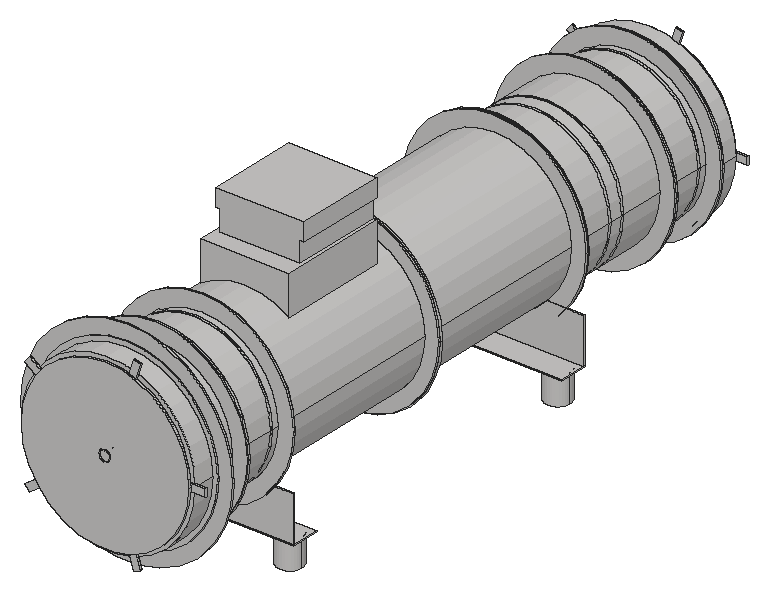
Revit family "HARMANN - MAXEE_HT - poziomy", category Mechanical Equipment, host Face, Revit 2022 (continued)
Definition of nested family "HARMANN - Akcesoria - RVK H F4"
  Forms (mm)
    Sweep 2, solid, detail levels medium+fine
      path origin (0, 0, 0) x (1, 0, 0) y (0, 1, 0)
        loop
          line (0, 421) -> (0, 418)
      profile origin (0, 419.5, 0) x (1, 0, 0) y (0, 0, 1)
        loop
          circle (0, 0) r 500
        loop
          circle (0, 0) r 450
    Sweep 3, solid, detail levels medium+fine
      path origin (0, 0, 0) x (1, 0, 0) y (0, 1, 0)
        loop
          line (0, 3) -> (0, 0)
      profile origin (0, 1.5, 0) x (1, 0, 0) y (0, 0, 1)
        loop
          circle (0, 0) r 500
        loop
          circle (0, 0) r 450
    Sweep 4, solid, detail levels coarse
      path origin (0, 0, 0) x (1, 0, 0) y (0, 1, 0)
        loop
          line (0, 421) -> (0, 0)
      profile origin (0, 210.5, 0) x (1, 0, 0) y (0, 0, 1)
        loop
          circle (0, 0) r 500
    Sweep 5, solid, detail levels medium+fine
      path origin (0, 0, 0) x (1, 0, 0) y (0, 1, 0)
        loop
          line (0, 102) -> (0, 98)
      profile origin (0, 100, 0) x (1, 0, 0) y (0, 0, 1)
        loop
          circle (0, 0) r 452
        loop
          circle (0, 0) r 450
    Sweep 6, solid, detail levels medium+fine
      path origin (0, 0, 0) x (1, 0, 0) y (0, 1, 0)
        loop
          line (0, 323) -> (0, 319)
      profile origin (0, 321, 0) x (1, 0, 0) y (0, 0, 1)
        loop
          circle (0, 0) r 452
        loop
          circle (0, 0) r 450
    Sweep 7, solid, detail levels medium+fine
      path origin (0, 0, 0) x (1, 0, 0) y (0, 1, 0)
        loop
          line (0, 16) -> (0, 13)
      profile origin (0, 14.5, 0) x (1, 0, 0) y (0, 0, 1)
        loop
          circle (0, 0) r 450
  Dimensions and locks
    equal spacing: plane 5, plane 3 "Center (Left/Right)", plane 4
    "A": plane 5 to plane 4
    equal spacing: plane 6, level, plane 7
    "A": plane 6 to plane 7
    locked: plane 1 "Center (Front/Back)" to plane 9 "Center L/S" at 3
    locked: plane 10 to plane 8 at 3
    locked: plane 11 to plane 8 at 100
    "E": plane 1 "Center (Front/Back)" to plane 8
    locked: plane 1 "Center (Front/Back)" to plane 12 at 100
    equal spacing: Sweep 5 sketch curve, plane 12, Sweep 5 sketch curve
    Sweep 5 sketch curve to Sweep 5 sketch curve = 4.00 mm
    locked: Sweep 6 sketch curve to Sweep 6 sketch curve at 4
    equal spacing: Sweep 6 sketch curve, plane 11, Sweep 6 sketch curve
    locked: plane 13 "Center L/T" to plane 14 "Center L/U" at 3
    locked: plane 9 "Center L/S" to plane 13 "Center L/T" at 10
    "B": diameter of Sweep 1 sketch curve
    "B": diameter of Sweep 2 sketch curve
    "A2": diameter of Sweep 2 sketch curve
    "B": diameter of Sweep 3 sketch curve
    "A2": diameter of Sweep 3 sketch curve
    "A2": diameter of Sweep 4 sketch curve
    "D": diameter of Sweep 1 sketch curve
    "D": diameter of Sweep 5 sketch curve
    "B": diameter of Sweep 5 sketch curve
    "D": diameter of Sweep 6 sketch curve
    "B": diameter of Sweep 6 sketch curve
    "B": diameter of Sweep 7 sketch curve
    aligned and locked: level to plane 2
    aligned and locked: Sweep 1 sketch curve to plane 3 "Center (Left/Right)"
    aligned and locked: plane 10 to Sweep 1 sketch curve
    aligned and locked: plane 9 "Center L/S" to Sweep 1 sketch curve
    aligned and locked: Sweep 2 sketch curve to plane 3 "Center (Left/Right)"
    aligned and locked: plane 8 to Sweep 2 sketch curve
    aligned and locked: plane 10 to Sweep 2 sketch curve
    aligned and locked: plane 1 "Center (Front/Back)" to Sweep 3 sketch curve
    aligned and locked: plane 9 "Center L/S" to Sweep 3 sketch curve
    aligned and locked: plane 8 to Sweep 4 sketch curve
    aligned and locked: plane 1 "Center (Front/Back)" to Sweep 4 sketch curve
    aligned and locked: plane 14 "Center L/U" to Sweep 7 sketch curve
    aligned and locked: plane 13 "Center L/T" to Sweep 7 sketch curve
  Automatic sketch dimensions
    Sweep 3 sketch curve to plane 3 "Center (Left/Right)" = 0.00 mm
    Sweep 4 sketch curve to plane 3 "Center (Left/Right)" = 0.00 mm
    Sweep 5 sketch curve to plane 3 "Center (Left/Right)" = 0.00 mm
    Sweep 6 sketch curve to plane 3 "Center (Left/Right)" = 0.00 mm
    Sweep 7 sketch curve to plane 3 "Center (Left/Right)" = 0.00 mm
    Sweep 1 sketch curve to Sweep 1 sketch curve = 0.00 mm  (x2)
    Sweep 1 sketch curve to level = 0.00 mm
    profile plane to Sweep 1 sketch curve = 0.00 mm
    Sweep 2 sketch curve to Sweep 2 sketch curve = 0.00 mm  (x2)
    Sweep 2 sketch curve to level = 0.00 mm
    profile plane to Sweep 2 sketch curve = 0.00 mm
    Sweep 3 sketch curve to Sweep 3 sketch curve = 0.00 mm  (x2)
    Sweep 3 sketch curve to level = 0.00 mm
    profile plane to Sweep 3 sketch curve = 0.00 mm
    Sweep 4 sketch curve to level = 0.00 mm
    profile plane to Sweep 4 sketch curve = 0.00 mm
    Sweep 5 sketch curve to Sweep 5 sketch curve = 0.00 mm  (x2)
    Sweep 5 sketch curve to level = 0.00 mm
    profile plane to Sweep 5 sketch curve = 0.00 mm
    Sweep 6 sketch curve to Sweep 6 sketch curve = 0.00 mm  (x2)
    Sweep 6 sketch curve to level = 0.00 mm
    profile plane to Sweep 6 sketch curve = 0.00 mm
    Sweep 7 sketch curve to level = 0.00 mm
    profile plane to Sweep 7 sketch curve = 0.00 mm
Definition of nested family "HARMANN - Akcesoria - SGE"
  Parameters (values of type "SGE 1000")
    Średnica wewnętrzna = 40.00 mm
    Numer artykułu = size_lookup(Lookup Table Name, "Numer artykułu", "n/a", N1)  # "15951800"
    N1 = 11 mm
    Model = size_lookup(Lookup Table Name, "Model", "n/a", N1)  # "SGE 1000"
    Manufacturer = "Harmann Polska Sp. z o.o."  # constant formula
    Lookup Table Name = "SGE"
    C = size_lookup(Lookup Table Name, "C", 1.00 mm, N1)  # 15.00 mm
    Description = "Klapa zwrotna"  # constant formula
    Default Elevation = 0.00 mm
    B2 = B - 4.00 mm  # 981.00 mm
    B = size_lookup(Lookup Table Name, "B", 1.00 mm, N1)  # 985.00 mm
    A2 = A + 16.00 mm  # 1086.00 mm
    A = size_lookup(Lookup Table Name, "A", 1.00 mm, N1)  # 1070.00 mm
  Types (14, lengths in mm): name | Numer artykułu | N1 | Model | C | B2 | B | A2 | A
    SGE 315 | "15405800" | 1 | "SGE 315" | 8.00 | 307.00 | 311.00 | 371.00 | 355.00
    SGE 355 | "15406200" | 2 | "SGE 355" | 8.00 | 351.00 | 355.00 | 411.00 | 395.00
    SGE 400 | "15407400" | 3 | "SGE 400" | 8.00 | 395.00 | 399.00 | 466.00 | 450.00
    SGE 450 | "15407500" | 4 | "SGE 450" | 8.00 | 461.00 | 465.00 | 516.00 | 500.00
    SGE 500 | "15407600" | 5 | "SGE 500" | 12.00 | 505.00 | 509.00 | 576.00 | 560.00
    SGE 560 | "15407700" | 6 | "SGE 560" | 12.00 | 571.00 | 575.00 | 636.00 | 620.00
    SGE 630 | "15407900" | 7 | "SGE 630" | 12.00 | 637.00 | 641.00 | 706.00 | 690.00
    SGE 710 | "15408300" | 8 | "SGE 710" | 16.00 | 703.00 | 707.00 | 786.00 | 770.00
    SGE 800 | "15951600" | 9 | "SGE 800" | 12.00 | 781.00 | 785.00 | 876.00 | 860.00
    SGE 900 | "15951700" | 10 | "SGE 900" | 15.00 | 881.00 | 885.00 | 986.00 | 970.00
    SGE 1000 | "15951800" | 11 | "SGE 1000" | 15.00 | 981.00 | 985.00 | 1086.00 | 1070.00
    SGE 1120 | "15951900" | 12 | "SGE 1120" | 15.00 | 1101.00 | 1105.00 | 1206.00 | 1190.00
    SGE 1250 | "15952000" | 13 | "SGE 1250" | 15.00 | 1231.00 | 1235.00 | 1336.00 | 1320.00
    SGE 1400 | "16041800" | 14 | "SGE 1400" | 15.00 | 1381.00 | 1385.00 | 1486.00 | 1470.00
  Reference planes
    plane 1 "Center (Front/Back)": y = 0
    plane 2: z = 0
    plane 3 "Center (Left/Right)": x = 0
    plane 4 "Center L/S": y = 15
    plane 5 "Center L/T": y = 7.5
  Forms (mm)
    Sweep 1, solid, detail levels medium+fine
      path origin (0, 0, 0) x (1, 0, 0) y (0, 1, 0)
        loop
          line (0, 0) -> (0, 7.5)
      profile origin (0, 3.75, 0) x (-1, 0, 0) y (0, 0, 1)
        loop
          line (19.472, 4.567) -> (443.807, 312.865)
          arc (443.807, 312.865) -> (439.296, 319.167) -> (434.696, 325.405) r 543
          line (434.696, 325.405) -> (10.361, 17.107)
          arc (10.361, 17.107) -> (16.18, 11.756) -> (19.472, 4.567) r 20
        loop
          arc (-160.408, 518.766) -> (-167.796, 516.424) -> (-175.15, 513.976) r 543
          line (-175.15, 513.976) -> (-13.068, 15.14)
          arc (-13.068, 15.14) -> (-6.18, 19.021) -> (1.673, 19.93) r 20
          line (1.673, 19.93) -> (-160.408, 518.766)
        loop
          arc (-542.945, 7.75) -> (-543, 0) -> (-542.945, -7.75) r 543
          line (-542.945, -7.75) -> (-18.437, -7.75)
          arc (-18.437, -7.75) -> (-20, 0) -> (-18.437, 7.75) r 20
          line (-18.437, 7.75) -> (-542.945, 7.75)
        loop
          arc (-175.15, -513.976) -> (-167.796, -516.424) -> (-160.408, -518.766) r 543
          line (-160.408, -518.766) -> (1.673, -19.93)
          arc (1.673, -19.93) -> (-6.18, -19.021) -> (-13.068, -15.14) r 20
          line (-13.068, -15.14) -> (-175.15, -513.976)
        loop
          arc (434.696, -325.405) -> (439.296, -319.167) -> (443.807, -312.865) r 543
          line (443.807, -312.865) -> (19.472, -4.567)
          arc (19.472, -4.567) -> (16.18, -11.756) -> (10.361, -17.107) r 20
          line (10.361, -17.107) -> (434.696, -325.405)
    Sweep 2, solid, detail levels medium+fine
      path origin (0, 0, 0) x (1, 0, 0) y (0, 1, 0)
        loop
          line (0, 15) -> (0, 7.5)
      profile origin (0, 11.25, 0) x (1, 0, 0) y (0, 0, 1)
        loop
          circle (0, 0) r 12.5
        loop
          circle (0, 0) r 490.5
        loop
          circle (0, 0) r 9.5
    Sweep 3, solid, detail levels coarse
      path origin (0, 0, 0) x (1, 0, 0) y (0, 1, 0)
        loop
          line (0, 0) -> (0, 15)
      profile origin (0, 7.5, 0) x (-1, 0, 0) y (0, 0, 1)
        loop
          circle (0, 0) r 535
  Dimensions and locks
    "C": plane 1 "Center (Front/Back)" to plane 4 "Center L/S"
    equal spacing: plane 1 "Center (Front/Back)", plane 5 "Center L/T", plane 4 "Center L/S"
    "B2": diameter of Sweep 2 sketch curve
    "A": diameter of Sweep 3 sketch curve
    "A2": diameter of Sweep 1 sketch curve  (x5)
    "Średnica wewnętrzna": diameter of Sweep 1 sketch curve  (x5)
    locked: Sweep 1 sketch curve to Sweep 1 sketch curve (angle 72.00°)  (x9)
    aligned and locked: level to plane 2
    aligned and locked: Sweep 1 sketch curve to plane 3 "Center (Left/Right)"
    aligned and locked: plane 4 "Center L/S" to Sweep 2 sketch curve
    aligned and locked: plane 1 "Center (Front/Back)" to Sweep 1 sketch curve
    aligned and locked: plane 1 "Center (Front/Back)" to Sweep 3 sketch curve
    aligned and locked: plane 5 "Center L/T" to Sweep 1 sketch curve
    aligned and locked: plane 5 "Center L/T" to Sweep 2 sketch curve
    aligned and locked: plane 4 "Center L/S" to Sweep 3 sketch curve
  Automatic sketch dimensions
    Sweep 2 sketch curve to plane 3 "Center (Left/Right)" = 0.00 mm
    Sweep 3 sketch curve to plane 3 "Center (Left/Right)" = 0.00 mm
    Sweep 1 sketch curve to Sweep 1 sketch curve = 0.00 mm  (x90)
    Sweep 1 sketch curve to level = 0.00 mm
    Sweep 1 sketch curve to profile plane = 0.00 mm
    profile plane to Sweep 1 sketch curve = 13.068 mm  (x2)
    level to Sweep 1 sketch curve = 7.75 mm
    Sweep 1 sketch curve to level = 7.75 mm
    Sweep 1 sketch curve to Sweep 1 sketch curve = 14.741 mm  (x2)
    Sweep 1 sketch curve to Sweep 1 sketch curve = 8.688 mm  (x2)
    Sweep 1 sketch curve to level = 4.567 mm
    level to Sweep 1 sketch curve = 4.567 mm
    Sweep 2 sketch curve to Sweep 2 sketch curve = 0.00 mm  (x6)
    Sweep 2 sketch curve to level = 0.00 mm
    profile plane to Sweep 2 sketch curve = 0.00 mm
    Sweep 3 sketch curve to level = 0.00 mm
    Sweep 3 sketch curve to profile plane = 0.00 mm
    radius of Sweep 2 sketch curve = 12.50 mm
    radius of Sweep 2 sketch curve = 9.50 mm
Definition of nested family "HARMANN - Akcesoria - FSD"
  Parameters (values of type "FSD 11")
    Numer artykułu = size_lookup(Lookup Table Name, "Numer artykułu", "n/a", N1)  # "16248900"
    N1 = 6 mm
    Model = size_lookup(Lookup Table Name, "Model", "n/a", N1)  # "FSD 11"
    Manufacturer = "Harmann Polska Sp. z o.o."  # constant formula
    Lookup Table Name = "FSD"
    Description = "Stopa montażowa"  # constant formula
    Default Elevation = 0.00 mm
    B = size_lookup(Lookup Table Name, "B", 1.00 mm, N1)  # 70.00 mm
    A = size_lookup(Lookup Table Name, "A", 1.00 mm, N1)  # 94.00 mm
  Types (6, lengths in mm): name | Numer artykułu | N1 | Model | B | A
    FSD 01 | "15549800" | 1 | "FSD 01" | 52.00 | 57.00
    FSD 02 | "15549900" | 2 | "FSD 02" | 52.00 | 57.00
    FSD 03 | "15550000" | 3 | "FSD 03" | 52.00 | 57.00
    FSD 04 | "15550100" | 4 | "FSD 04" | 70.00 | 94.00
    FSD 10 | "16248400" | 5 | "FSD 10" | 70.00 | 94.00
    FSD 11 | "16248900" | 6 | "FSD 11" | 70.00 | 94.00
  Reference planes
    plane 1 "Center (Front/Back)": y = 0
    plane 2: z = 0
    plane 3 "Center (Left/Right)": x = 0
    plane 4: x = -35
    plane 5: x = 35
    plane 6: z = 94
    plane 7: y = -35
    plane 8: y = 35
  Forms (mm)
    Sweep 1, solid
      path origin (0, 0, 0) x (0, 1, 0) y (0, 0, 1)
        loop
          line (0, 94) -> (0, 0)
      profile origin (0, 0, 47) x (1, 0, 0) y (0, 1, 0)
        loop
          circle (0, 0) r 35
  Dimensions and locks
    equal spacing: plane 7, plane 1 "Center (Front/Back)", plane 8
    "B": plane 7 to plane 8
    equal spacing: plane 4, plane 3 "Center (Left/Right)", plane 5
    "B": plane 4 to plane 5
    "A": plane 6 to plane 2
    "B": diameter of Sweep 1 sketch curve
    aligned and locked: level to plane 2
    aligned and locked: plane 1 "Center (Front/Back)" to Sweep 1 sketch curve
    aligned and locked: plane 2 to Sweep 1 sketch curve
    aligned and locked: plane 6 to Sweep 1 sketch curve
  Automatic sketch dimensions
    Sweep 1 sketch curve to plane 3 "Center (Left/Right)" = 0.00 mm
    profile plane to Sweep 1 sketch curve = 0.00 mm
Definition of nested family "HARMANN - Akcesoria - FAL"
  Parameters (values of type "FAL 1250")
    R2 [instance] = 627.50 mm
    Numer artykułu = size_lookup(Lookup Table Name, "Numer artykułu", "n/a", N1)  # "15790100"
    N1 = 13 mm
    Model = size_lookup(Lookup Table Name, "Model", "n/a", N1)  # "FAL 1250"
    Manufacturer = "Harmann Polska Sp. z o.o."  # constant formula
    Lookup Table Name = "FAL"
    Description = "Stopa montażowa do wentylatorów kanałowych MAXEE."
    Default Elevation = 0.00 mm
    D = size_lookup(Lookup Table Name, "D", 1.00 mm, N1)  # 270.00 mm
    C = size_lookup(Lookup Table Name, "C", 1.00 mm, N1)  # 100.00 mm
    A = size_lookup(Lookup Table Name, "A", 1.00 mm, N1)  # 1370.00 mm
  Types (14, lengths in mm): name | R2 | Numer artykułu | N1 | Model | D | C | A
    (no name) | 500.00 | "15790100" | 13 | "FAL 1250" | 270.00 | 100.00 | 1370.00
    FAL 315 | 159.00 | "15480500" | 1 | "FAL 315" | 98.00 | 60.00 | 380.00
    FAL 355 | 220.989 | "15480600" | 2 | "FAL 355" | 99.00 | 60.00 | 420.00
    FAL 400 | 220.989 | "15480700" | 3 | "FAL 400" | 99.00 | 60.00 | 480.00
    FAL 450 | 220.989 | "15480800" | 4 | "FAL 450" | 99.00 | 60.00 | 530.00
    FAL 500 | 220.989 | "15480900" | 5 | "FAL 500" | 99.00 | 70.00 | 590.00
    FAL 560 | 220.989 | "15481000" | 6 | "FAL 560" | 99.00 | 70.00 | 650.00
    FAL 630 | 220.989 | "15481100" | 7 | "FAL 630" | 99.00 | 70.00 | 720.00
    FAL 710 | 220.989 | "15481200" | 8 | "FAL 710" | 119.00 | 70.00 | 810.00
    FAL 800 | 220.989 | "15789700" | 9 | "FAL 800" | 160.00 | 100.00 | 900.00
    FAL 900 | 220.989 | "15789800" | 10 | "FAL 900" | 170.00 | 100.00 | 1010.00
    FAL 1000 | 562.50 | "15789900" | 11 | "FAL 1000" | 250.00 | 100.00 | 1110.00
    FAL 1120 | 220.989 | "15790000" | 12 | "FAL 1120" | 270.00 | 100.00 | 1240.00
    FAL 1250 | 627.50 | "15790100" | 13 | "FAL 1250" | 270.00 | 100.00 | 1370.00
  Reference planes
    plane 1 "Center (Front/Back)": y = 0
    plane 2: z = 0
    plane 3 "Center (Left/Right)": x = 0
    plane 4: x = -685
    plane 5: x = 685
    plane 6: z = 270
    plane 7: y = -100
    plane 8: y = -2
    plane 9: x = -683
    plane 10: x = 683
    plane 11: z = 135
    plane 12: z = 762.5
  Forms (mm)
    Sweep 1, solid
      path origin (0, 0, 0) x (1, 0, 0) y (0, 1, 0)
        loop
          line (685, -100) -> (-685, -100)
      profile origin (0, -100, 0) x (0, -1, 0) y (0, 0, 1)
        loop
          line (-100, 2) -> (-100, 0) -> (0, 0) -> (0, 2) -> (-100, 2)
    Sweep 2, solid
      path origin (0, 0, 0) x (1, 0, 0) y (0, 1, 0)
        loop
          line (0, 0) -> (0, -2)
      profile origin (0, -1, 0) x (1, 0, 0) y (0, 0, 1)
        loop
          line (-685, 270) -> (-685, 2) -> (685, 2) -> (685, 270) -> (388.844, 270)
          arc (388.844, 270) -> (0, 135) -> (-388.844, 270) r 627.5
          line (-388.844, 270) -> (-685, 270)
  Dimensions and locks
    equal spacing: plane 5, plane 3 "Center (Left/Right)", plane 4
    "A": plane 5 to plane 4
    "D": plane 6 to level
    "C": plane 1 "Center (Front/Back)" to plane 7
    locked: Sweep 1 sketch curve to Sweep 1 sketch curve at 2
    locked: plane 8 to plane 1 "Center (Front/Back)" at 2
    locked: plane 4 to plane 9 at 2
    locked: plane 10 to plane 5 at 2
    equal spacing: plane 6, plane 11, level
    "R2": plane 12 to plane 11
    "R2": radius of Sweep 2 sketch curve
    aligned and locked: level to plane 2
    aligned and locked: Sweep 1 sketch curve to plane 7
    aligned and locked: Sweep 1 sketch curve to plane 1 "Center (Front/Back)"
    aligned and locked: Sweep 1 sketch curve to level
    aligned and locked: Sweep 2 sketch curve to plane 3 "Center (Left/Right)"
    aligned and locked: plane 1 "Center (Front/Back)" to Sweep 2 sketch curve
    aligned and locked: plane 8 to Sweep 2 sketch curve
    aligned and locked: Sweep 2 sketch curve to plane 4
    aligned and locked: Sweep 2 sketch curve to Sweep 1
    aligned and locked: Sweep 2 sketch curve to plane 5
    aligned and locked: plane 6 to Sweep 2 sketch curve
    aligned and locked: plane 12 to Sweep 2 sketch curve
    aligned and locked: plane 3 "Center (Left/Right)" to Sweep 2 sketch curve
    aligned and locked: Sweep 2 sketch curve to plane 6
  Automatic sketch dimensions
    Sweep 1 sketch curve to plane 4 = 0.00 mm
    plane 5 to Sweep 1 sketch curve = 0.00 mm
    Sweep 1 sketch curve to profile plane = 0.00 mm
Definition of nested family "HARMANN - Akcesoria - TRA"
  Parameters (values of type "HARMANN - Akcesoria - TRA")
    N1 = 1 mm
    Model = "TRA 1000"
    Lookup Table Name = ""
    Description = "TRA 1000"
    Default Elevation = 0.00 mm
    B = 25.00 mm
    C [instance] = 588.00 mm
    A = 100.00 mm
  Reference planes
    plane 1 "Center (Front/Back)": y = 0
    plane 2: z = 0
    plane 3 "Center (Left/Right)": x = 0
    plane 4: x = -294
    plane 5: x = 294
    plane 6: z = 100
    plane 7: y = -25
    plane 8: x = 219
  Forms (mm)
    Sweep 1, solid
      path origin (0, 0, 0) x (1, 0, 0) y (0, 1, 0)
        loop
          line (294, 0) -> (-294, 0)
      profile origin (0, 0, 0) x (0, -1, 0) y (0, 0, 1)
        loop
          line (0, 0) -> (25, 0) -> (25, 2) -> (2, 2) -> (2, 98) -> (25, 98) -> (25, 100) -> (0, 100) -> (0, 0)
  Dimensions and locks
    equal spacing: plane 5, plane 3 "Center (Left/Right)", plane 4
    "C": plane 5 to plane 4
    "A": plane 6 to level
    "B": plane 1 "Center (Front/Back)" to plane 7
    locked: Sweep 1 sketch curve to level at 2
    locked: plane 6 to Sweep 1 sketch curve at 2
    locked: plane 1 "Center (Front/Back)" to Sweep 1 sketch curve at 2
    aligned and locked: level to plane 2
    aligned and locked: plane 4 to Sweep 1 sketch curve
    aligned and locked: plane 5 to Sweep 1 sketch curve
    aligned and locked: Sweep 1 sketch curve to plane 1 "Center (Front/Back)"  (x2)
    aligned and locked: Sweep 1 sketch curve to plane 2
    aligned and locked: Sweep 1 sketch curve to plane 6
    aligned and locked: Sweep 1 sketch curve to plane 7
  Automatic sketch dimensions
    Sweep 1 sketch curve to Sweep 1 sketch curve = 23.00 mm
Types (40, lengths in mm): name | Zasilanie natężenie maksymalne Imax | Zasilanie Moc maksymalna Pmax | Zasilanie Częstotliwość Maksymalna fmax | Wysokość FSD | Wysokość FAL | Wysokość | TRA | R2 | Długość RVS SPR | Długość RVK H F4 SPR | Długość RVK H F4 | Długość RAS F4 od strony tłoczonej SPR | Długość RAS F4 SPR | Długość RAF SPR | Długość ESD SPR | Czy Przyłącze okrągłe RVS | Powietrze ciśnienie statyczne maksymalne dPmax | Powietrze Przepływ Maksymalny Qmax | Obroty nominalne nnom | Numer artykułu | N1 | Model | Moc akustyczna nominalna obudowa Lwa | Masa | MAXEE_HT | F | Długość TRA | Długość RVS | Długość RAS F4 | Długość RAF | Długość MAXEE | Długość ESD | D2 | D | Ciśnienie akustyczne nominalne obudowa Lpa | C | B | Akc SGE dla ESD | Akc SGE | Akc RVS | Akc RVK H F4 | Akc RAS F4 | Akc RAF | Akc FSD | Akc FAL | Akc ESD | A
  MAXEE.HT 315/4/3950T | 0.7 A | 174 W | 80 Hz | 57.00 | 98.00 | 116.50 | no | 157.50 | 383.00 | 233.00 | 233.00 | 120.00 | 120.00 | 48.00 | 79.00 | yes | 215.0 Pa | 3940.0 m³/h | 1485.000 RPM | "15470200" | 1 | "MAXEE.HT 315/4/3950T" | "65 dB(A)" | 23.10 kg | HARMANN - MAXEE_HT : MAXEE.HT 315/4/3950T | 396.00 | 719.00 | 383.00 | 120.00 | 48.00 | 383.00 | 79.00 | 321.00 | 315.00 | "58 dB(A)" | 355.00 | 383.00 | HARMANN - Akcesoria - SGE : SGE 355 | HARMANN - Akcesoria - SGE : SGE 315 | HARMANN - Akcesoria - RVS : RVS 315 | HARMANN - Akcesoria - RVK H F4 : RVK H 315 F4 | HARMANN - Akcesoria - RAS F4 : RAS 315 F4 | HARMANN - Akcesoria - RAF : RAF 315 | HARMANN - Akcesoria - FSD : FSD 01 | HARMANN - Akcesoria - FAL : FAL 315 | HARMANN - Akcesoria - ESD : ESD 315 | 380.00
  MAXEE.HT 315/2/5800T | 1.9 A | 1386 W | 60 Hz | 57.00 | 98.00 | 116.50 | no | 157.50 | 383.00 | 233.00 | 233.00 | 120.00 | 120.00 | 48.00 | 79.00 | yes | 490.0 Pa | 5810.0 m³/h | 2880.000 RPM | "15470300" | 2 | "MAXEE.HT 315/2/5800T" | "75 dB(A)" | 18.50 kg | HARMANN - MAXEE_HT : MAXEE.HT 315/2/5800T | 396.00 | 719.00 | 383.00 | 120.00 | 48.00 | 383.00 | 79.00 | 321.00 | 315.00 | "68 dB(A)" | 355.00 | 383.00 | HARMANN - Akcesoria - SGE : SGE 355 | HARMANN - Akcesoria - SGE : SGE 315 | HARMANN - Akcesoria - RVS : RVS 315 | HARMANN - Akcesoria - RVK H F4 : RVK H 315 F4 | HARMANN - Akcesoria - RAS F4 : RAS 315 F4 | HARMANN - Akcesoria - RAF : RAF 315 | HARMANN - Akcesoria - FSD : FSD 01 | HARMANN - Akcesoria - FAL : FAL 315 | HARMANN - Akcesoria - ESD : ESD 315 | 380.00
  MAXEE.HT 355/4/4900T | 0.8 A | 575 W | 70 Hz | 57.00 | 99.00 | 136.00 | no | 177.50 | 368.00 | 233.00 | 233.00 | 120.00 | 120.00 | 48.00 | 89.00 | yes | 230.0 Pa | 4870.0 m³/h | 1480.000 RPM | "15470400" | 3 | "MAXEE.HT 355/4/4900T" | "65 dB(A)" | 20.30 kg | HARMANN - MAXEE_HT : MAXEE.HT 355/4/4900T | 396.00 | 704.00 | 368.00 | 120.00 | 48.00 | 383.00 | 89.00 | 361.00 | 355.00 | "58 dB(A)" | 395.00 | 383.00 | HARMANN - Akcesoria - SGE : SGE 400 | HARMANN - Akcesoria - SGE : SGE 355 | HARMANN - Akcesoria - RVS : RVS 355 | HARMANN - Akcesoria - RVK H F4 : RVK H 355 F4 | HARMANN - Akcesoria - RAS F4 : RAS 355 F4 | HARMANN - Akcesoria - RAF : RAF 355 | HARMANN - Akcesoria - FSD : FSD 01 | HARMANN - Akcesoria - FAL : FAL 355 | HARMANN - Akcesoria - ESD : ESD 355 | 420.00
  MAXEE.HT 355/2/6900T | 2.3 A | 1520 W | 50 Hz | 57.00 | 99.00 | 136.00 | no | 177.50 | 368.00 | 233.00 | 233.00 | 120.00 | 120.00 | 48.00 | 89.00 | yes | 440.0 Pa | 6920.0 m³/h | 2820.000 RPM | "15470500" | 4 | "MAXEE.HT 355/2/6900T" | "73 dB(A)" | 24.10 kg | HARMANN - MAXEE_HT : MAXEE.HT 355/2/6900T | 396.00 | 704.00 | 368.00 | 120.00 | 48.00 | 383.00 | 89.00 | 361.00 | 355.00 | "66 dB(A)" | 395.00 | 383.00 | HARMANN - Akcesoria - SGE : SGE 400 | HARMANN - Akcesoria - SGE : SGE 355 | HARMANN - Akcesoria - RVS : RVS 355 | HARMANN - Akcesoria - RVK H F4 : RVK H 355 F4 | HARMANN - Akcesoria - RAS F4 : RAS 355 F4 | HARMANN - Akcesoria - RAF : RAF 355 | HARMANN - Akcesoria - FSD : FSD 01 | HARMANN - Akcesoria - FAL : FAL 355 | HARMANN - Akcesoria - ESD : ESD 355 | 420.00
  MAXEE.HT 400/4/6900T | 1.3 A | 1006 W | 70 Hz | 57.00 | 99.00 | 158.50 | no | 200.00 | 368.00 | 218.00 | 218.00 | 105.00 | 105.00 | 40.00 | 100.00 | yes | 300.0 Pa | 6890.0 m³/h | 1470.000 RPM | "15470600" | 5 | "MAXEE.HT 400/4/6900T" | "69 dB(A)" | 27.10 kg | HARMANN - MAXEE_HT : MAXEE.HT 400/4/6900T | 396.00 | 689.00 | 368.00 | 105.00 | 40.00 | 368.00 | 100.00 | 406.00 | 400.00 | "62 dB(A)" | 450.00 | 368.00 | HARMANN - Akcesoria - SGE : SGE 450 | HARMANN - Akcesoria - SGE : SGE 400 | HARMANN - Akcesoria - RVS : RVS 400 | HARMANN - Akcesoria - RVK H F4 : RVK H 400 F4 | HARMANN - Akcesoria - RAS F4 : RAS 400 F4 | HARMANN - Akcesoria - RAF : RAF 400 | HARMANN - Akcesoria - FSD : FSD 01 | HARMANN - Akcesoria - FAL : FAL 400 | HARMANN - Akcesoria - ESD : ESD 400 | 480.00
  MAXEE.HT 400/2/10800T | 4.5 A | 3497 W | 55 Hz | 57.00 | 99.00 | 158.50 | no | 200.00 | 368.00 | 218.00 | 218.00 | 105.00 | 105.00 | 40.00 | 100.00 | yes | 750.0 Pa | 10820.0 m³/h | 2865.000 RPM | "15470700" | 6 | "MAXEE.HT 400/2/10800T" | "77 dB(A)" | 34.10 kg | HARMANN - MAXEE_HT : MAXEE.HT 400/2/10800T | 396.00 | 689.00 | 368.00 | 105.00 | 40.00 | 368.00 | 100.00 | 406.00 | 400.00 | "70 dB(A)" | 450.00 | 368.00 | HARMANN - Akcesoria - SGE : SGE 450 | HARMANN - Akcesoria - SGE : SGE 400 | HARMANN - Akcesoria - RVS : RVS 400 | HARMANN - Akcesoria - RVK H F4 : RVK H 400 F4 | HARMANN - Akcesoria - RAS F4 : RAS 400 F4 | HARMANN - Akcesoria - RAF : RAF 400 | HARMANN - Akcesoria - FSD : FSD 02 | HARMANN - Akcesoria - FAL : FAL 400 | HARMANN - Akcesoria - ESD : ESD 400 | 480.00
  MAXEE.HT 450/4/8500T | 1.4 A | 1129 W | 60 Hz | 57.00 | 99.00 | 183.50 | no | 225.00 | 368.00 | 218.00 | 218.00 | 105.00 | 105.00 | 40.00 | 112.00 | yes | 280.0 Pa | 8460.0 m³/h | 1450.000 RPM | "15470800" | 7 | "MAXEE.HT 450/4/8500T" | "70 dB(A)" | 29.20 kg | HARMANN - MAXEE_HT : MAXEE.HT 450/4/8500T | 396.00 | 689.00 | 368.00 | 105.00 | 40.00 | 368.00 | 112.00 | 456.00 | 450.00 | "63 dB(A)" | 500.00 | 368.00 | HARMANN - Akcesoria - SGE : SGE 500 | HARMANN - Akcesoria - SGE : SGE 450 | HARMANN - Akcesoria - RVS : RVS 450 | HARMANN - Akcesoria - RVK H F4 : RVK H 450 F4 | HARMANN - Akcesoria - RAS F4 : RAS 450 F4 | HARMANN - Akcesoria - RAF : RAF 450 | HARMANN - Akcesoria - FSD : FSD 02 | HARMANN - Akcesoria - FAL : FAL 450 | HARMANN - Akcesoria - ESD : ESD 450 | 530.00
  MAXEE.HT 450/2/15300T | 8.1 A | 6325 W | 55 Hz | 57.00 | 99.00 | 183.50 | no | 225.00 | 368.00 | 218.00 | 218.00 | 105.00 | 105.00 | 40.00 | 112.00 | yes | 960.0 Pa | 15300.0 m³/h | 2910.000 RPM | "15470900" | 8 | "MAXEE.HT 450/2/15300T" | "83 dB(A)" | 53.40 kg | HARMANN - MAXEE_HT : MAXEE.HT 450/2/15300T | 465.00 | 689.00 | 368.00 | 105.00 | 40.00 | 368.00 | 112.00 | 456.00 | 450.00 | "76 dB(A)" | 500.00 | 368.00 | HARMANN - Akcesoria - SGE : SGE 500 | HARMANN - Akcesoria - SGE : SGE 450 | HARMANN - Akcesoria - RVS : RVS 450 | HARMANN - Akcesoria - RVK H F4 : RVK H 450 F4 | HARMANN - Akcesoria - RAS F4 : RAS 450 F4 | HARMANN - Akcesoria - RAF : RAF 450 | HARMANN - Akcesoria - FSD : FSD 01 | HARMANN - Akcesoria - FAL : FAL 450 | HARMANN - Akcesoria - ESD : ESD 450 | 530.00
  MAXEE.HT 500/4/11600T | 2.5 A | 1817 W | 60 Hz | 57.00 | 99.00 | 208.50 | no | 250.00 | 443.00 | 441.00 | 441.00 | 153.00 | 153.00 | 63.00 | 125.00 | yes | 360.0 Pa | 11640.0 m³/h | 1465.000 RPM | "15471000" | 9 | "MAXEE.HT 500/4/11600T" | "71 dB(A)" | 42.60 kg | HARMANN - MAXEE_HT : MAXEE.HT 500/4/11600T | 465.00 | 839.00 | 443.00 | 153.00 | 63.00 | 443.00 | 125.00 | 506.00 | 500.00 | "64 dB(A)" | 560.00 | 443.00 | HARMANN - Akcesoria - SGE : SGE 560 | HARMANN - Akcesoria - SGE : SGE 500 | HARMANN - Akcesoria - RVS : RVS 500 | HARMANN - Akcesoria - RVK H F4 : RVK H 500 F4 | HARMANN - Akcesoria - RAS F4 : RAS 500 F4 | HARMANN - Akcesoria - RAF : RAF 500 | HARMANN - Akcesoria - FSD : FSD 02 | HARMANN - Akcesoria - FAL : FAL 500 | HARMANN - Akcesoria - ESD : ESD 500 | 590.00
  MAXEE.HT 500/2/19600T | 10.8 A | 5928 W | 50 Hz | 57.00 | 99.00 | 208.50 | no | 250.00 | 443.00 | 441.00 | 441.00 | 153.00 | 153.00 | 63.00 | 125.00 | yes | 970.0 Pa | 19630.0 m³/h | 2940.000 RPM | "15471100" | 10 | "MAXEE.HT 500/2/19600T" | "85 dB(A)" | 82.30 kg | HARMANN - MAXEE_HT : MAXEE.HT 500/2/19600T | 515.00 | 839.00 | 443.00 | 153.00 | 63.00 | 443.00 | 125.00 | 506.00 | 500.00 | "78 dB(A)" | 560.00 | 443.00 | HARMANN - Akcesoria - SGE : SGE 560 | HARMANN - Akcesoria - SGE : SGE 500 | HARMANN - Akcesoria - RVS : RVS 500 | HARMANN - Akcesoria - RVK H F4 : RVK H 500 F4 | HARMANN - Akcesoria - RAS F4 : RAS 500 F4 | HARMANN - Akcesoria - RAF : RAF 500 | HARMANN - Akcesoria - FSD : FSD 02 | HARMANN - Akcesoria - FAL : FAL 500 | HARMANN - Akcesoria - ESD : ESD 500 | 590.00
  MAXEE.HT 560/4/15400T | 3.4 A | 2577 W | 55 Hz | 57.00 | 99.00 | 238.50 | no | 280.00 | 443.00 | 441.00 | 441.00 | 153.00 | 153.00 | 63.00 | 140.00 | yes | 350.0 Pa | 15380.0 m³/h | 1450.000 RPM | "15471200" | 11 | "MAXEE.HT 560/4/15400T" | "72 dB(A)" | 47.70 kg | HARMANN - MAXEE_HT : MAXEE.HT 560/4/15400T | 515.00 | 839.00 | 443.00 | 153.00 | 63.00 | 443.00 | 140.00 | 566.00 | 560.00 | "65 dB(A)" | 620.00 | 443.00 | HARMANN - Akcesoria - SGE : SGE 630 | HARMANN - Akcesoria - SGE : SGE 560 | HARMANN - Akcesoria - RVS : RVS 560 | HARMANN - Akcesoria - RVK H F4 : RVK H 560 F4 | HARMANN - Akcesoria - RAS F4 : RAS 560 F4 | HARMANN - Akcesoria - RAF : RAF 560 | HARMANN - Akcesoria - FSD : FSD 03 | HARMANN - Akcesoria - FAL : FAL 560 | HARMANN - Akcesoria - ESD : ESD 560 | 650.00
  MAXEE.HT 560/4/16600T | 4.3 A | 3162 W | 60 Hz | 57.00 | 99.00 | 238.50 | no | 280.00 | 443.00 | 441.00 | 441.00 | 153.00 | 153.00 | 63.00 | 140.00 | yes | 430.0 Pa | 16580.0 m³/h | 1455.000 RPM | "15471300" | 12 | "MAXEE.HT 560/4/16600T" | "74 dB(A)" | 58.70 kg | HARMANN - MAXEE_HT : MAXEE.HT 560/4/16600T | 474.00 | 839.00 | 443.00 | 153.00 | 63.00 | 443.00 | 140.00 | 566.00 | 560.00 | "67 dB(A)" | 620.00 | 443.00 | HARMANN - Akcesoria - SGE : SGE 630 | HARMANN - Akcesoria - SGE : SGE 560 | HARMANN - Akcesoria - RVS : RVS 560 | HARMANN - Akcesoria - RVK H F4 : RVK H 560 F4 | HARMANN - Akcesoria - RAS F4 : RAS 560 F4 | HARMANN - Akcesoria - RAF : RAF 560 | HARMANN - Akcesoria - FSD : FSD 02 | HARMANN - Akcesoria - FAL : FAL 560 | HARMANN - Akcesoria - ESD : ESD 560 | 650.00
  MAXEE.HT 630/4/24600T | 9.1 A | 5680 W | 65 Hz | 57.00 | 99.00 | 273.50 | no | 315.00 | 443.00 | 441.00 | 441.00 | 153.00 | 153.00 | 63.00 | 158.00 | yes | 625.0 Pa | 24620.0 m³/h | 1470.000 RPM | "15471500" | 13 | "MAXEE.HT 630/4/24600T" | "79 dB(A)" | 71.00 kg | HARMANN - MAXEE_HT : MAXEE.HT 630/4/24600T | 504.00 | 839.00 | 443.00 | 153.00 | 63.00 | 443.00 | 158.00 | 636.00 | 630.00 | "72 dB(A)" | 690.00 | 443.00 | HARMANN - Akcesoria - SGE : SGE 710 | HARMANN - Akcesoria - SGE : SGE 630 | HARMANN - Akcesoria - RVS : RVS 630 | HARMANN - Akcesoria - RVK H F4 : RVK H 630 F4 | HARMANN - Akcesoria - RAS F4 : RAS 630 F4 | HARMANN - Akcesoria - RAF : RAF 630 | HARMANN - Akcesoria - FSD : FSD 02 | HARMANN - Akcesoria - FAL : FAL 630 | HARMANN - Akcesoria - ESD : ESD 630 | 720.00
  MAXEE.HT 630/6/16200T | 3 A | 1245 W | 65 Hz | 57.00 | 99.00 | 273.50 | no | 315.00 | 443.00 | 441.00 | 441.00 | 153.00 | 153.00 | 63.00 | 158.00 | yes | 260.0 Pa | 16170.0 m³/h | 970.000 RPM | "15471400" | 14 | "MAXEE.HT 630/6/16200T" | "70 dB(A)" | 62.00 kg | HARMANN - MAXEE_HT : MAXEE.HT 630/6/16200T | 486.00 | 839.00 | 443.00 | 153.00 | 63.00 | 443.00 | 158.00 | 636.00 | 630.00 | "63 dB(A)" | 690.00 | 443.00 | HARMANN - Akcesoria - SGE : SGE 710 | HARMANN - Akcesoria - SGE : SGE 630 | HARMANN - Akcesoria - RVS : RVS 630 | HARMANN - Akcesoria - RVK H F4 : RVK H 630 F4 | HARMANN - Akcesoria - RAS F4 : RAS 630 F4 | HARMANN - Akcesoria - RAF : RAF 630 | HARMANN - Akcesoria - FSD : FSD 02 | HARMANN - Akcesoria - FAL : FAL 630 | HARMANN - Akcesoria - ESD : ESD 630 | 720.00
  MAXEE.HT 710/6/22600T | 4.7 A | 2212 W | 60 Hz | 57.00 | 119.00 | 303.50 | no | 355.00 | 433.00 | 431.00 | 431.00 | 255.00 | 255.00 | 59.00 | 178.00 | yes | 320.0 Pa | 22570.0 m³/h | 980.000 RPM | "15471600" | 15 | "MAXEE.HT 710/6/22600T" | "73 dB(A)" | 78.80 kg | HARMANN - MAXEE_HT : MAXEE.HT 710/6/22600T | 600.00 | 819.00 | 433.00 | 255.00 | 59.00 | 433.00 | 178.00 | 716.00 | 710.00 | "66 dB(A)" | 770.00 | 433.00 | HARMANN - Akcesoria - SGE : SGE 800 | HARMANN - Akcesoria - SGE : SGE 710 | HARMANN - Akcesoria - RVS : RVS 710 | HARMANN - Akcesoria - RVK H F4 : RVK H 710 F4 | HARMANN - Akcesoria - RAS F4 : RAS 710 F4 | HARMANN - Akcesoria - RAF : RAF 710 | HARMANN - Akcesoria - FSD : FSD 04 | HARMANN - Akcesoria - FAL : FAL 710 | HARMANN - Akcesoria - ESD : ESD 710 | 810.00
  MAXEE.HT 710/4/36600T | 14 A | 8500 W | 60 Hz | 57.00 | 119.00 | 303.50 | no | 355.00 | 433.00 | 431.00 | 431.00 | 255.00 | 255.00 | 59.00 | 178.00 | yes | 715.0 Pa | 33670.0 m³/h | 1480.000 RPM | "15471700" | 16 | "MAXEE.HT 710/4/36600T" | "84 dB(A)" | 111.20 kg | HARMANN - MAXEE_HT : MAXEE.HT 710/4/36600T | 516.00 | 819.00 | 433.00 | 255.00 | 59.00 | 433.00 | 178.00 | 716.00 | 710.00 | "77 dB(A)" | 770.00 | 433.00 | HARMANN - Akcesoria - SGE : SGE 800 | HARMANN - Akcesoria - SGE : SGE 710 | HARMANN - Akcesoria - RVS : RVS 710 | HARMANN - Akcesoria - RVK H F4 : RVK H 710 F4 | HARMANN - Akcesoria - RAS F4 : RAS 710 F4 | HARMANN - Akcesoria - RAF : RAF 710 | HARMANN - Akcesoria - FSD : FSD 04 | HARMANN - Akcesoria - FAL : FAL 710 | HARMANN - Akcesoria - ESD : ESD 710 | 810.00
  MAXEE.HT 800/6/26500T | 5.2 A | 3298 W | 50 Hz | 94.00 | 160.00 | 328.00 | no | 400.00 | 328.00 | 431.00 | 431.00 | 255.00 | 255.00 | 58.00 | 178.00 | yes | 280.0 Pa | 26520.0 m³/h | 970.000 RPM | "16246500" | 17 | "MAXEE.HT 800/6/26500T" | "80 dB(A)" | 114.10 kg | HARMANN - MAXEE_HT : MAXEE.HT 800/6/26500T | 516.00 | 929.00 | 328.00 | 255.00 | 58.00 | 648.00 | 178.00 | 806.00 | 800.00 | "73 dB(A)" | 860.00 | 648.00 | HARMANN - Akcesoria - SGE : SGE 900 | HARMANN - Akcesoria - SGE : SGE 800 | HARMANN - Akcesoria - RVS : RVS 800 | HARMANN - Akcesoria - RVK H F4 : RVK H 800 F4 | HARMANN - Akcesoria - RAS F4 : RAS 800 F4 | HARMANN - Akcesoria - RAF : RAF 800 | HARMANN - Akcesoria - FSD : FSD 10 | HARMANN - Akcesoria - FAL : FAL 800 | HARMANN - Akcesoria - ESD : ESD 800 | 900.00
  MAXEE.HT 800/4/30800T | 9.8 A | 3816 W | 40 Hz | 94.00 | 160.00 | 328.00 | no | 400.00 | 328.00 | 431.00 | 431.00 | 255.00 | 255.00 | 58.00 | 178.00 | yes | 380.0 Pa | 30800.0 m³/h | 1450.000 RPM | "16250700" | 18 | "MAXEE.HT 800/4/30800T" | "81 dB(A)" | 117.10 kg | HARMANN - MAXEE_HT : MAXEE.HT 800/4/30800T | 516.00 | 929.00 | 328.00 | 255.00 | 58.00 | 648.00 | 178.00 | 806.00 | 800.00 | "74 dB(A)" | 860.00 | 648.00 | HARMANN - Akcesoria - SGE : SGE 900 | HARMANN - Akcesoria - SGE : SGE 800 | HARMANN - Akcesoria - RVS : RVS 800 | HARMANN - Akcesoria - RVK H F4 : RVK H 800 F4 | HARMANN - Akcesoria - RAS F4 : RAS 800 F4 | HARMANN - Akcesoria - RAF : RAF 800 | HARMANN - Akcesoria - FSD : FSD 10 | HARMANN - Akcesoria - FAL : FAL 800 | HARMANN - Akcesoria - ESD : ESD 800 | 900.00
  MAXEE.HT 800/4/31600T | 9.9 A | 4780 W | 40 Hz | 94.00 | 160.00 | 328.00 | no | 400.00 | 328.00 | 431.00 | 431.00 | 255.00 | 255.00 | 58.00 | 178.00 | yes | 780.0 Pa | 31640.0 m³/h | 1450.000 RPM | "16252300" | 19 | "MAXEE.HT 800/4/31600T" | "81 dB(A)" | 142.10 kg | HARMANN - MAXEE_HT : MAXEE.HT 800/4/31600T | 516.00 | 929.00 | 328.00 | 255.00 | 58.00 | 648.00 | 178.00 | 806.00 | 800.00 | "74 dB(A)" | 860.00 | 648.00 | HARMANN - Akcesoria - SGE : SGE 900 | HARMANN - Akcesoria - SGE : SGE 800 | HARMANN - Akcesoria - RVS : RVS 800 | HARMANN - Akcesoria - RVK H F4 : RVK H 800 F4 | HARMANN - Akcesoria - RAS F4 : RAS 800 F4 | HARMANN - Akcesoria - RAF : RAF 800 | HARMANN - Akcesoria - FSD : FSD 10 | HARMANN - Akcesoria - FAL : FAL 800 | HARMANN - Akcesoria - ESD : ESD 800 | 900.00
  MAXEE.HT 800/6/36800T | 12.1 A | 6296 W | 70 Hz | 94.00 | 160.00 | 328.00 | no | 400.00 | 328.00 | 431.00 | 431.00 | 255.00 | 255.00 | 58.00 | 178.00 | yes | 530.0 Pa | 36860.0 m³/h | 990.000 RPM | "16254100" | 20 | "MAXEE.HT 800/6/36800T" | "85 dB(A)" | 161.10 kg | HARMANN - MAXEE_HT : MAXEE.HT 800/6/36800T | 670.00 | 929.00 | 328.00 | 255.00 | 58.00 | 648.00 | 178.00 | 806.00 | 800.00 | "78 dB(A)" | 860.00 | 648.00 | HARMANN - Akcesoria - SGE : SGE 900 | HARMANN - Akcesoria - SGE : SGE 800 | HARMANN - Akcesoria - RVS : RVS 800 | HARMANN - Akcesoria - RVK H F4 : RVK H 800 F4 | HARMANN - Akcesoria - RAS F4 : RAS 800 F4 | HARMANN - Akcesoria - RAF : RAF 800 | HARMANN - Akcesoria - FSD : FSD 10 | HARMANN - Akcesoria - FAL : FAL 800 | HARMANN - Akcesoria - ESD : ESD 800 | 900.00
  MAXEE.HT 800/4/39900T | 14.5 A | 7656 W | 50 Hz | 94.00 | 160.00 | 328.00 | no | 400.00 | 328.00 | 431.00 | 431.00 | 255.00 | 255.00 | 58.00 | 178.00 | yes | 650.0 Pa | 39890.0 m³/h | 1470.000 RPM | "16256200" | 21 | "MAXEE.HT 800/4/39900T" | "88 dB(A)" | 153.10 kg | HARMANN - MAXEE_HT : MAXEE.HT 800/4/39900T | 670.00 | 929.00 | 328.00 | 255.00 | 58.00 | 648.00 | 178.00 | 806.00 | 800.00 | "81 dB(A)" | 860.00 | 648.00 | HARMANN - Akcesoria - SGE : SGE 900 | HARMANN - Akcesoria - SGE : SGE 800 | HARMANN - Akcesoria - RVS : RVS 800 | HARMANN - Akcesoria - RVK H F4 : RVK H 800 F4 | HARMANN - Akcesoria - RAS F4 : RAS 800 F4 | HARMANN - Akcesoria - RAF : RAF 800 | HARMANN - Akcesoria - FSD : FSD 10 | HARMANN - Akcesoria - FAL : FAL 800 | HARMANN - Akcesoria - ESD : ESD 800 | 900.00
  MAXEE.HT 800/4/48700T | 23.9 A | 9704 W | 60 Hz | 94.00 | 160.00 | 328.00 | no | 400.00 | 328.00 | 431.00 | 431.00 | 255.00 | 255.00 | 58.00 | 178.00 | yes | 900.0 Pa | 48730.0 m³/h | 1485.000 RPM | "16084400" | 22 | "MAXEE.HT 800/4/48700T" | "89 dB(A)" | 186.10 kg | HARMANN - MAXEE_HT : MAXEE.HT 800/4/48700T | 725.00 | 929.00 | 328.00 | 255.00 | 58.00 | 648.00 | 178.00 | 806.00 | 800.00 | "82 dB(A)" | 860.00 | 648.00 | HARMANN - Akcesoria - SGE : SGE 900 | HARMANN - Akcesoria - SGE : SGE 800 | HARMANN - Akcesoria - RVS : RVS 800 | HARMANN - Akcesoria - RVK H F4 : RVK H 800 F4 | HARMANN - Akcesoria - RAS F4 : RAS 800 F4 | HARMANN - Akcesoria - RAF : RAF 800 | HARMANN - Akcesoria - FSD : FSD 10 | HARMANN - Akcesoria - FAL : FAL 800 | HARMANN - Akcesoria - ESD : ESD 800 | 900.00
  MAXEE.HT 900/4/43300T | 14.9 A | 6500 W | 40 Hz | 94.00 | 170.00 | 373.00 | no | 450.00 | 318.00 | 421.00 | 421.00 | 245.00 | 245.00 | 53.00 | 178.00 | yes | 440.0 Pa | 43340.0 m³/h | 1450.000 RPM | "16268500" | 23 | "MAXEE.HT 900/4/43300T" | "84 dB(A)" | 158.20 kg | HARMANN - MAXEE_HT : MAXEE.HT 900/4/43300T | 725.00 | 909.00 | 318.00 | 245.00 | 53.00 | 638.00 | 178.00 | 906.00 | 900.00 | "77 dB(A)" | 970.00 | 638.00 | HARMANN - Akcesoria - SGE : SGE 1000 | HARMANN - Akcesoria - SGE : SGE 900 | HARMANN - Akcesoria - RVS : RVS 900 | HARMANN - Akcesoria - RVK H F4 : RVK H 900 F4 | HARMANN - Akcesoria - RAS F4 : RAS 900 F4 | HARMANN - Akcesoria - RAF : RAF 900 | HARMANN - Akcesoria - FSD : FSD 10 | HARMANN - Akcesoria - FAL : FAL 900 | HARMANN - Akcesoria - ESD : ESD 900 | 1010.00
  MAXEE.HT 900/6/43400T | 13.1 A | 6601 W | 60 Hz | 94.00 | 170.00 | 373.00 | no | 450.00 | 318.00 | 421.00 | 421.00 | 245.00 | 245.00 | 53.00 | 178.00 | yes | 990.0 Pa | 43390.0 m³/h | 980.000 RPM | "16269100" | 24 | "MAXEE.HT 900/6/43400T" | "83 dB(A)" | 177.20 kg | HARMANN - MAXEE_HT : MAXEE.HT 900/6/43400T | 695.00 | 909.00 | 318.00 | 245.00 | 53.00 | 638.00 | 178.00 | 906.00 | 900.00 | "76 dB(A)" | 970.00 | 638.00 | HARMANN - Akcesoria - SGE : SGE 1000 | HARMANN - Akcesoria - SGE : SGE 900 | HARMANN - Akcesoria - RVS : RVS 900 | HARMANN - Akcesoria - RVK H F4 : RVK H 900 F4 | HARMANN - Akcesoria - RAS F4 : RAS 900 F4 | HARMANN - Akcesoria - RAF : RAF 900 | HARMANN - Akcesoria - FSD : FSD 10 | HARMANN - Akcesoria - FAL : FAL 900 | HARMANN - Akcesoria - ESD : ESD 900 | 1010.00
  MAXEE.HT 900/4/49400T | 18.3 A | 9518 W | 45 Hz | 94.00 | 170.00 | 373.00 | no | 450.00 | 318.00 | 421.00 | 421.00 | 245.00 | 245.00 | 53.00 | 178.00 | yes | 580.0 Pa | 49370.0 m³/h | 1450.000 RPM | "16269700" | 25 | "MAXEE.HT 900/4/49400T" | "87 dB(A)" | 169.20 kg | HARMANN - MAXEE_HT : MAXEE.HT 900/4/49400T | 670.00 | 909.00 | 318.00 | 245.00 | 53.00 | 638.00 | 178.00 | 906.00 | 900.00 | "80 dB(A)" | 970.00 | 638.00 | HARMANN - Akcesoria - SGE : SGE 1000 | HARMANN - Akcesoria - SGE : SGE 900 | HARMANN - Akcesoria - RVS : RVS 900 | HARMANN - Akcesoria - RVK H F4 : RVK H 900 F4 | HARMANN - Akcesoria - RAS F4 : RAS 900 F4 | HARMANN - Akcesoria - RAF : RAF 900 | HARMANN - Akcesoria - FSD : FSD 10 | HARMANN - Akcesoria - FAL : FAL 900 | HARMANN - Akcesoria - ESD : ESD 900 | 1010.00
  MAXEE.HT 900/4/54700T | 25.2 A | 13233 W | 50 Hz | 94.00 | 170.00 | 373.00 | no | 450.00 | 318.00 | 421.00 | 421.00 | 245.00 | 245.00 | 53.00 | 178.00 | yes | 760.0 Pa | 54730.0 m³/h | 1470.000 RPM | "16265600" | 26 | "MAXEE.HT 900/4/54700T" | "90 dB(A)" | 200.80 kg | HARMANN - MAXEE_HT : MAXEE.HT 900/4/54700T | 750.00 | 909.00 | 318.00 | 245.00 | 53.00 | 638.00 | 178.00 | 906.00 | 900.00 | "83 dB(A)" | 970.00 | 638.00 | HARMANN - Akcesoria - SGE : SGE 1000 | HARMANN - Akcesoria - SGE : SGE 900 | HARMANN - Akcesoria - RVS : RVS 900 | HARMANN - Akcesoria - RVK H F4 : RVK H 900 F4 | HARMANN - Akcesoria - RAS F4 : RAS 900 F4 | HARMANN - Akcesoria - RAF : RAF 900 | HARMANN - Akcesoria - FSD : FSD 10 | HARMANN - Akcesoria - FAL : FAL 900 | HARMANN - Akcesoria - ESD : ESD 900 | 1010.00
  MAXEE.HT 900/4/60300T | 31 A | 17319 W | 55 Hz | 94.00 | 170.00 | 373.00 | no | 450.00 | 318.00 | 421.00 | 421.00 | 245.00 | 245.00 | 53.00 | 178.00 | yes | 920.0 Pa | 60290.0 m³/h | 1480.000 RPM | "16267900" | 27 | "MAXEE.HT 900/4/60300T" | "90 dB(A)" | 244.80 kg | HARMANN - MAXEE_HT : MAXEE.HT 900/4/60300T | 794.00 | 909.00 | 318.00 | 245.00 | 53.00 | 638.00 | 178.00 | 906.00 | 900.00 | "77 dB(A)" | 970.00 | 638.00 | HARMANN - Akcesoria - SGE : SGE 1000 | HARMANN - Akcesoria - SGE : SGE 900 | HARMANN - Akcesoria - RVS : RVS 900 | HARMANN - Akcesoria - RVK H F4 : RVK H 900 F4 | HARMANN - Akcesoria - RAS F4 : RAS 900 F4 | HARMANN - Akcesoria - RAF : RAF 900 | HARMANN - Akcesoria - FSD : FSD 10 | HARMANN - Akcesoria - FAL : FAL 900 | HARMANN - Akcesoria - ESD : ESD 900 | 1010.00
  MAXEE.HT 1000/6/49300T | 14.4 A | 6663 W | 50 Hz | 94.00 | 250.00 | 383.00 | yes | 500.00 | 318.00 | 576.00 | 576.00 | 245.00 | 245.00 | 110.00 | 178.00 | yes | 400.0 Pa | 49290.0 m³/h | 970.000 RPM | "16265000" | 28 | "MAXEE.HT 1000/6/49300T" | "85 dB(A)" | 195.00 kg | HARMANN - MAXEE_HT : MAXEE.HT 1000/6/49300T | 715.00 | 909.00 | 318.00 | 245.00 | 110.00 | 638.00 | 178.00 | 1006.00 | 1000.00 | "78 dB(A)" | 1070.00 | 638.00 | HARMANN - Akcesoria - SGE : SGE 1120 | HARMANN - Akcesoria - SGE : SGE 1000 | HARMANN - Akcesoria - RVS : RVS 1000 | HARMANN - Akcesoria - RVK H F4 : RVK H 1000 F4 | HARMANN - Akcesoria - RAS F4 : RAS 1000 F4 | HARMANN - Akcesoria - RAF : RAF 1000 | HARMANN - Akcesoria - FSD : FSD 11 | HARMANN - Akcesoria - FAL : FAL 1000 | HARMANN - Akcesoria - ESD : ESD 1000 | 1110.00
  MAXEE.HT 1000/4/60000T | 26.8 A | 11300 W | 40 Hz | 94.00 | 250.00 | 383.00 | yes | 500.00 | 318.00 | 576.00 | 576.00 | 245.00 | 245.00 | 110.00 | 178.00 | yes | 600.0 Pa | 60040.0 m³/h | 1450.000 RPM | "16260600" | 29 | "MAXEE.HT 1000/4/60000T" | "85 dB(A)" | 220.00 kg | HARMANN - MAXEE_HT : MAXEE.HT 1000/4/60000T | 770.00 | 909.00 | 318.00 | 245.00 | 110.00 | 638.00 | 178.00 | 1006.00 | 1000.00 | "78 dB(A)" | 1070.00 | 638.00 | HARMANN - Akcesoria - SGE : SGE 1120 | HARMANN - Akcesoria - SGE : SGE 1000 | HARMANN - Akcesoria - RVS : RVS 1000 | HARMANN - Akcesoria - RVK H F4 : RVK H 1000 F4 | HARMANN - Akcesoria - RAS F4 : RAS 1000 F4 | HARMANN - Akcesoria - RAF : RAF 1000 | HARMANN - Akcesoria - FSD : FSD 11 | HARMANN - Akcesoria - FAL : FAL 1000 | HARMANN - Akcesoria - ESD : ESD 1000 | 1110.00
  MAXEE.HT 1000/6/60100T | 21.5 A | 15647 W | 60 Hz | 94.00 | 250.00 | 383.00 | yes | 500.00 | 0.00 | 576.00 | 576.00 | 245.00 | 245.00 | 110.00 | 178.00 | no | 610.0 Pa | 60140.0 m³/h | 990.000 RPM | "16262900" | 30 | "MAXEE.HT 1000/6/60100T" | "85 dB(A)" | 265.00 kg | HARMANN - MAXEE_HT : MAXEE.HT 1000/6/60100T | 814.00 | 591.00 | 318.00 | 245.00 | 110.00 | 638.00 | 178.00 | 1006.00 | 1000.00 | "78 dB(A)" | 1070.00 | 638.00 | HARMANN - Akcesoria - SGE : SGE 1120 | HARMANN - Akcesoria - SGE : SGE 1000 | HARMANN - Akcesoria - RVS : RVS 1000 | HARMANN - Akcesoria - RVK H F4 : RVK H 1000 F4 | HARMANN - Akcesoria - RAS F4 : RAS 1000 F4 | HARMANN - Akcesoria - RAF : RAF 1000 | HARMANN - Akcesoria - FSD : FSD 11 | HARMANN - Akcesoria - FAL : FAL 1000 | HARMANN - Akcesoria - ESD : ESD 1000 | 1110.00
  MAXEE.HT 1000/4/67500T | 32.8 A | 16042 W | 45 Hz | 94.00 | 250.00 | 383.00 | yes | 500.00 | 0.00 | 576.00 | 576.00 | 245.00 | 245.00 | 110.00 | 178.00 | no | 1160.0 Pa | 67550.0 m³/h | 1450.000 RPM | "16263400" | 31 | "MAXEE.HT 1000/4/67500T" | "89 dB(A)" | 264.00 kg | HARMANN - MAXEE_HT : MAXEE.HT 1000/4/67500T | 814.00 | 591.00 | 318.00 | 245.00 | 110.00 | 638.00 | 178.00 | 1006.00 | 1000.00 | "82 dB(A)" | 1070.00 | 638.00 | HARMANN - Akcesoria - SGE : SGE 1120 | HARMANN - Akcesoria - SGE : SGE 1000 | HARMANN - Akcesoria - RVS : RVS 1000 | HARMANN - Akcesoria - RVK H F4 : RVK H 1000 F4 | HARMANN - Akcesoria - RAS F4 : RAS 1000 F4 | HARMANN - Akcesoria - RAF : RAF 1000 | HARMANN - Akcesoria - FSD : FSD 11 | HARMANN - Akcesoria - FAL : FAL 1000 | HARMANN - Akcesoria - ESD : ESD 1000 | 1110.00
  MAXEE.HT 1000/4/75800T | 41.1 A | 22034 W | 50 Hz | 94.00 | 250.00 | 383.00 | yes | 500.00 | 0.00 | 576.00 | 576.00 | 245.00 | 245.00 | 110.00 | 178.00 | no | 980.0 Pa | 75810.0 m³/h | 1480.000 RPM | "16264500" | 32 | "MAXEE.HT 1000/4/75800T" | "91 dB(A)" | 313.00 kg | HARMANN - MAXEE_HT : MAXEE.HT 1000/4/75800T | 872.00 | 591.00 | 318.00 | 245.00 | 110.00 | 638.00 | 178.00 | 1006.00 | 1000.00 | "84 dB(A)" | 1070.00 | 638.00 | HARMANN - Akcesoria - SGE : SGE 1120 | HARMANN - Akcesoria - SGE : SGE 1000 | HARMANN - Akcesoria - RVS : RVS 1000 | HARMANN - Akcesoria - RVK H F4 : RVK H 1000 F4 | HARMANN - Akcesoria - RAS F4 : RAS 1000 F4 | HARMANN - Akcesoria - RAF : RAF 1000 | HARMANN - Akcesoria - FSD : FSD 11 | HARMANN - Akcesoria - FAL : FAL 1000 | HARMANN - Akcesoria - ESD : ESD 1000 | 1110.00
  MAXEE.HT 1000/4/76100T | 41.4 A | 23206 W | 50 Hz | 94.00 | 250.00 | 383.00 | yes | 500.00 | 0.00 | 576.00 | 576.00 | 245.00 | 245.00 | 110.00 | 178.00 | no | 970.0 Pa | 76100.0 m³/h | 1480.000 RPM | "16263900" | 33 | "MAXEE.HT 1000/4/76100T" | "94 dB(A)" | 280.00 kg | HARMANN - MAXEE_HT : MAXEE.HT 1000/4/76100T | 834.00 | 591.00 | 318.00 | 245.00 | 110.00 | 638.00 | 178.00 | 1006.00 | 1000.00 | "87 dB(A)" | 1070.00 | 638.00 | HARMANN - Akcesoria - SGE : SGE 1120 | HARMANN - Akcesoria - SGE : SGE 1000 | HARMANN - Akcesoria - RVS : RVS 1000 | HARMANN - Akcesoria - RVK H F4 : RVK H 1000 F4 | HARMANN - Akcesoria - RAS F4 : RAS 1000 F4 | HARMANN - Akcesoria - RAF : RAF 1000 | HARMANN - Akcesoria - FSD : FSD 11 | HARMANN - Akcesoria - FAL : FAL 1000 | HARMANN - Akcesoria - ESD : ESD 1000 | 1110.00
  MAXEE.HT 1120/6/62200T | 16.2 A | 7053 W | 45 Hz | 94.00 | 270.00 | 433.00 | yes | 560.00 | 0.00 | 566.00 | 566.00 | 235.00 | 235.00 | 105.00 | 178.00 | no | 390.0 Pa | 62250.0 m³/h | 980.000 RPM | "16271300" | 34 | "MAXEE.HT 1120/6/62200T" | "87 dB(A)" | 218.00 kg | HARMANN - MAXEE_HT : MAXEE.HT 1120/6/62200T | 745.00 | 681.00 | 308.00 | 235.00 | 105.00 | 728.00 | 178.00 | 1126.00 | 1120.00 | "80 dB(A)" | 1190.00 | 728.00 | HARMANN - Akcesoria - SGE : SGE 1250 | HARMANN - Akcesoria - SGE : SGE 1120 | HARMANN - Akcesoria - RVS : RVS 1120 | HARMANN - Akcesoria - RVK H F4 : RVK H 1120 F4 | HARMANN - Akcesoria - RAS F4 : RAS 1120 F4 | HARMANN - Akcesoria - RAF : RAF 1120 | HARMANN - Akcesoria - FSD : FSD 11 | HARMANN - Akcesoria - FAL : FAL 1120 | HARMANN - Akcesoria - ESD : ESD 1120 | 1240.00
  MAXEE.HT 1120/6/71400T | 23.6 A | 12903 W | 50 Hz | 94.00 | 270.00 | 433.00 | yes | 560.00 | 0.00 | 566.00 | 566.00 | 235.00 | 235.00 | 105.00 | 178.00 | no | 545.0 Pa | 71380.0 m³/h | 980.000 RPM | "16270400" | 35 | "MAXEE.HT 1120/6/71400T" | "93 dB(A)" | 298.00 kg | HARMANN - MAXEE_HT : MAXEE.HT 1120/6/71400T | 844.00 | 681.00 | 308.00 | 235.00 | 105.00 | 728.00 | 178.00 | 1126.00 | 1120.00 | "86 dB(A)" | 1190.00 | 728.00 | HARMANN - Akcesoria - SGE : SGE 1250 | HARMANN - Akcesoria - SGE : SGE 1120 | HARMANN - Akcesoria - RVS : RVS 1120 | HARMANN - Akcesoria - RVK H F4 : RVK H 1120 F4 | HARMANN - Akcesoria - RAS F4 : RAS 1120 F4 | HARMANN - Akcesoria - RAF : RAF 1120 | HARMANN - Akcesoria - FSD : FSD 11 | HARMANN - Akcesoria - FAL : FAL 1120 | HARMANN - Akcesoria - ESD : ESD 1120 | 1240.00
  MAXEE.HT 1120/6/85800T | 37.8 A | 20147 W | 60 Hz | 94.00 | 270.00 | 433.00 | yes | 560.00 | 0.00 | 566.00 | 566.00 | 235.00 | 235.00 | 105.00 | 178.00 | no | 765.0 Pa | 85820.0 m³/h | 990.000 RPM | "16270900" | 36 | "MAXEE.HT 1120/6/85800T" | "94 dB(A)" | 345.00 kg | HARMANN - MAXEE_HT : MAXEE.HT 1120/6/85800T | 967.00 | 681.00 | 308.00 | 235.00 | 105.00 | 728.00 | 178.00 | 1126.00 | 1120.00 | "87 dB(A)" | 1190.00 | 728.00 | HARMANN - Akcesoria - SGE : SGE 1250 | HARMANN - Akcesoria - SGE : SGE 1120 | HARMANN - Akcesoria - RVS : RVS 1120 | HARMANN - Akcesoria - RVK H F4 : RVK H 1120 F4 | HARMANN - Akcesoria - RAS F4 : RAS 1120 F4 | HARMANN - Akcesoria - RAF : RAF 1120 | HARMANN - Akcesoria - FSD : FSD 11 | HARMANN - Akcesoria - FAL : FAL 1120 | HARMANN - Akcesoria - ESD : ESD 1120 | 1240.00
